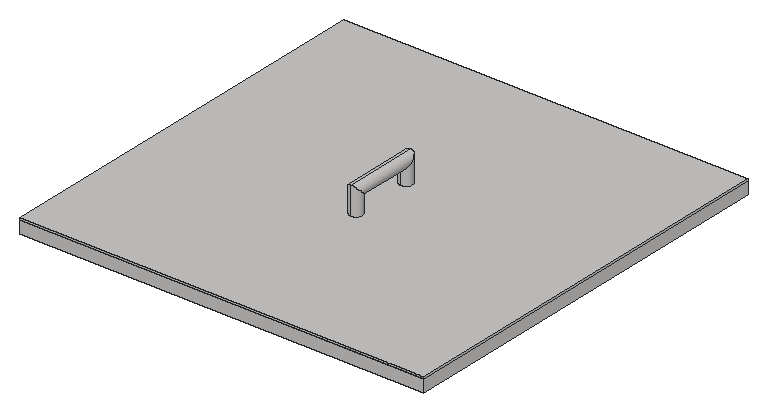
Revit family "人孔蓋_75x75cm1", category 一般模型, Revit 2014
Reference planes
  plane 1 "中心 (前/後)": y = 0
  plane 2: z = 0
  plane 3 "中心 (左/右)": x = 0
  plane 4: x = 375
  plane 5: y = -265
Forms (mm)
  Extrusion 1, solid, material "不鏽鋼、拋光"
    sketch origin (0, 0, 0) x (1, 0, 0) y (0, 1, 0)
      loop
        line (-110, 220) -> (-110, -750) -> (860, -750) -> (860, 220) -> (-110, 220)
    from 50 to 54
  Extrusion 2, solid, material "不鏽鋼、拋光"
    sketch origin (0, 0, 0) x (1, 0, 0) y (0, 1, 0)
      loop
        line (860, 220) -> (-110, 220) -> (-110, -750) -> (860, -750) -> (860, 220)
      loop
        line (856, 216) -> (-106, 216) -> (-106, -746) -> (856, -746) -> (856, 216)
    from 20 to 50
  Sweep 3, solid, material "不鏽鋼、拋光"
    path origin (383.432, 675.748, 1150) x (0, 1, 0) y (0, 0, 1)
      loop
        line (-1016, -1096) -> (-1016, -1046) -> (-866, -1046) -> (-866, -1096)
    profile "圓形扶欄 : 30 mm" origin (383.432, -265.252, 104) x (0, 0, 1) y (1, 0, 0)
      loop
        circle (0, -15) r 15
Dimensions and locks
  aligned and locked: level to plane 2
